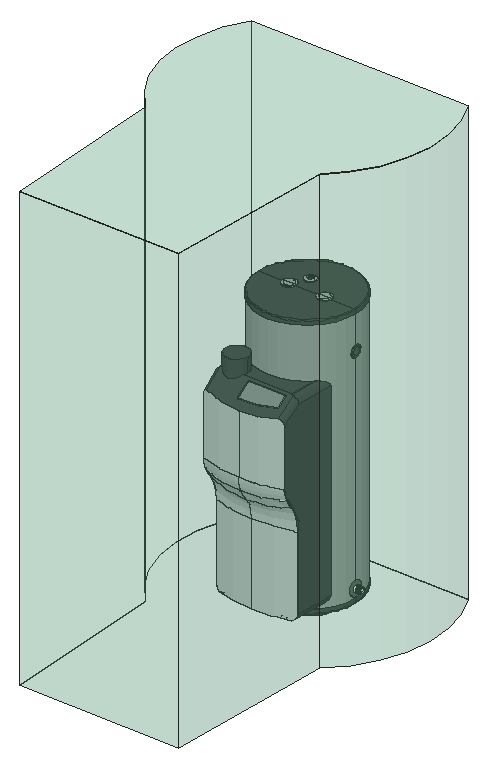
Revit family "Innovo GB_IR 20 200 GB LP", category Mechanical Equipment, Revit 2015
Parameters (values of type "IR-20-200 GB LP")
  Workspace Radius = Diameter + 170 mm  # 730 mm
  Workspace Height = Height + 1000 mm  # 2545 mm
  Workspace Front Distance = 1000 mm
  Working only during off-peak hour = no
  Width = Diameter  # 560 mm
  Workspace [instance] = yes
  Water heating energy efficiency class (2) = "-"
  Water heating energy efficiency class (1) = "A"  # constant formula
  Water heating energy efficiency (2) = "-"
  Water heating energy efficiency (1) = "94%"
  Warranty on tank = "36 months"  # constant formula
  Warranty on parts = "12 months"  # constant formula
  Voltage = 230 V  # constant formula
  Valve Height 02 = if(and(Height = 1745 mm, Diameter = 675 mm), 1518 mm, if(and(Height = 1745 mm, Diameter = 610 mm), 1534 mm, if(Height = 1545 mm, 1328 mm, 1070 mm)))  # 1328 mm
  Valve Height 01 = if(and(Diameter > 560 mm), 693 mm, 604 mm)  # 604 mm
  URL = "www.aosmith.co.uk"
  Type of Packaging = "Carton and Wood"  # constant formula
  Transport Weight = 122 kg
  Trade mark = "A.O. Smith"  # constant formula
  Thermostat temperature setting = 65 °C  # constant formula
  T&P Connection Rp = 3/4"
  Storage Capacity = 200.0 L
  Standard Set For = "G31"
  Stand-by Loss - daily (24h) = 0 W
  Stand-by Loss = 0 W
  Smart control = no
  Serial Number = "8717449286002"
  Seasonal Energy Efficiency Rating = [Energy Efficiency Rating (Hs, acc NEN-EN 89-1999)]  # 98
  Recovery Rate @ ΔT = 70°C = 150.0 L/s
  Recovery Rate @ ΔT = 55°C = 190.0 L/s
  Recovery Rate @ ΔT = 50°C = 210.0 L/s
  Recovery Rate @ ΔT = 44°C = 240.0 L/s
  Recovery Rate @ ΔT = 28°C = 370.0 L/s
  Product Instruction Link = ""
  Product Documentation Link = ""
  Precaustions during assembling, installation or maintenance = "see User, Installation, Service and Maintenance Manual"  # constant formula
  Power Consumption (peak) = 85 W
  Power Consumption (nominal) = 25 W
  Phase = 1
  Packaging Width = 786 mm  # constant formula
  Packaging Length = 946 mm  # constant formula
  Packaging Height = 1695 mm
  Other load profile = "-"
  Operating Weight = 332 kg
  Nominal Output = "11600"
  Nominal Heat Input (Net) = "10900"
  Nominal Heat Input (Gross) = "11800"
  Noice-level dB (A) = "<45"  # constant formula
  NOx Emissions mg/kWh = "38.0/23.0"
  NOx Emissions (air free, 0% O2) ppm = "23.0/14.0"
  Model identifier = "IR-12-200"
  Model = "IR-12-200 GB LP"
  Min. Setpoint = 40 °C  # constant formula
  Max. Setpoint = 85 °C  # constant formula
  Max. Operating Pressure = 800000.0 Pa
  Max. Flue Gas Outlet Temperature = 45 °C
  Manufacturer Number = "E 7110"  # constant formula
  Manufacturer = "A.O. Smith Water Products Company b.v."  # constant formula
  Maintenance Interval = "12 months"  # constant formula
  Load profile = "XL"
  Length = 780 mm  # constant formula
  Insulation Thickness = 50 mm
  Installation Type = "B23/C13/C33/C43/C53/C63"  # constant formula
  Indoor sound power level = "41 dB"
  Hot / Warm Water Connection R = 3/4"
  Height Warm Water Outlet = 1545 mm
  Height Gas Connection = 860 mm
  Height Flue Outlet = 1305 mm
  Height Cold Water Inlet = 170 mm
  Height Air Inlet = 1305 mm
  Height = 1545 mm
  Heating Up Time @ ΔT = 70°C = "65"
  Heating Up Time @ ΔT = 55°C = "52"
  Heating Up Time @ ΔT = 50°C = "47"
  Heating Up Time @ ΔT = 44°C = "41"
  Heating Up Time @ ΔT = 28°C = "27"
  Gas Supply Pressure = 3700.0 Pa
  Gas Flow Rate - Volume ltr/hr = "n.a."
  Gas Flow Rate - Mass kg/h = "0.80"
  Gas Connection R = 15"  # constant formula
  Gas Category = "II2E3P"  # constant formula
  Frequency = 50 Hz  # constant formula
  Flue Diameter - water heater = "80/125 mm/mm"  # constant formula
  Flue Diameter - parallel system = "2x80"  # constant formula
  Flue Diameter - concentric system = "80/125 mm/mm"  # constant formula
  Energy Efficiency Rating (Hs, acc NEN-EN 89-1999) = 98
  Energy Efficiency Rating (Hi, acc NEN-EN 89-1999) = 109
  Empty Weight = 106 kg
  Draw-off Capacity @ ΔT = 70°C after 90 min. = 350.0 L
  Draw-off Capacity @ ΔT = 70°C after 60 min. = 270.0 L
  Draw-off Capacity @ ΔT = 70°C after 30 min. = 200.0 L
  Draw-off Capacity @ ΔT = 70°C after 120 min. = 420.0 L
  Draw-off Capacity @ ΔT = 55°C after 90 min. = 460.0 L
  Draw-off Capacity @ ΔT = 55°C after 60 min. = 370.0 L
  Draw-off Capacity @ ΔT = 55°C after 30 min. = 270.0 L
  Draw-off Capacity @ ΔT = 55°C after 120 min. = 560.0 L
  Draw-off Capacity @ ΔT = 50°C after 90 min. = 510.0 L
  Draw-off Capacity @ ΔT = 50°C after 60 min. = 410.0 L
  Draw-off Capacity @ ΔT = 50°C after 30 min. = 310.0 L
  Draw-off Capacity @ ΔT = 50°C after 120 min. = 610.0 L
  Draw-off Capacity @ ΔT = 44°C after 90 min. = 590.0 L
  Draw-off Capacity @ ΔT = 44°C after 60 min. = 470.0 L
  Draw-off Capacity @ ΔT = 44°C after 30 min. = 360.0 L
  Draw-off Capacity @ ΔT = 44°C after 120 min. = 710.0 L
  Draw-off Capacity @ ΔT = 28°C after 90 min. = 950.0 L
  Draw-off Capacity @ ΔT = 28°C after 60 min. = 760.0 L
  Draw-off Capacity @ ΔT = 28°C after 30 min. = 580.0 L
  Draw-off Capacity @ ΔT = 28°C after 120 min. = 1200.0 L
  Drain Valve Connection Rp = 3/4"  # constant formula
  Diameter = 560 mm
  Destination / Country = "UK & Ireland"  # constant formula
  Description = "Condensing High Efficiency Storage Water Heater"  # constant formula
  Default Setpoint = 65 °C  # constant formula
  Created By = "http://www.cadcompany.nl/"
  Condens Discharge Connection = 40 mm  # constant formula
  Cold Water Connection R = 3/4"  # constant formula
  Co2 Emissions (tol. +/- 1.0) vol% = "10"
  CE-PIN = "0063CQ3037"  # constant formula
  BIM Content Developer = "CAD & Company"  # constant formula
  Assembly Code = "D3010"
  Annual fuel consumption (2) = "-"
  Annual fuel consumption (1) = "16 GJ GCV"
  Annual electricity consumption (2) = "-"
  Annual electricity consumption (1) = "40 kWh"
  APS Pressure < = 115.0 Pa
  2nd Maintenance (general maintenance) = "12 months after installation"  # constant formula
  1e Maintenance (check-up) = "3 months after installation"  # constant formula
Reference planes
  plane 1 "Center (Front/Back)": y = 0
  plane 2: z = 0
  plane 3 "Center (Left/Right)": x = 0
  plane 4 "Pipe": through (-383.901, 912.349, 194.799) normal (-0.0879, -0.0879, 0.9923)
  plane 5 "footing": y = 118.925
  plane 6 "footing front": y = -237.85
  plane 7: x = -280
  plane 8: x = 280
  plane 9: z = 1545
Forms (mm)
  Revolve 1, solid, material "RAL 9005", detail levels medium+fine
    sketch origin (0, -237.85, 0) x (-1, 0, 0) y (0, 0, 1)
      loop
        line (0, 28.9) -> (-15, 28.9) -> (-15, 26.4) -> (-8.671, 26.4) -> (-8.671, 18) -> (-5.686, 18) -> (-6.626, 17.06) -> (-6.626, 12.06) -> (-8.671, 12.06) -> (-8.671, 10) -> (-10.031, 10) -> (-23.271, 5.181)
        arc (-23.271, 5.181) -> (-23.763, 4.836) -> (-24.017, 4.293) r 1.159
        line (-24.017, 4.293) -> (-24.017, 1.03)
        arc (-24.017, 1.03) -> (-23.715, 0.302) -> (-22.986, 0) r 1.03
        line (-22.986, 0) -> (0, 0) -> (0, 28.9)
      axis (0, 28.9) -> (0, 0)
    angle from 0 to 360
  Revolve 2, solid, material "RAL 9005", detail levels medium+fine
    sketch origin (0, 118.925, 0) x (-1, 0, 0) y (0, 0, 1)
      loop
        line (-180.984, 28.9) -> (-195.984, 28.9) -> (-195.984, 26.4) -> (-189.655, 26.4) -> (-189.655, 18) -> (-186.67, 18) -> (-187.61, 17.06) -> (-187.61, 12.06) -> (-189.655, 12.06) -> (-189.655, 10) -> (-191.015, 10) -> (-204.256, 5.181)
        arc (-204.256, 5.181) -> (-204.747, 4.836) -> (-205.001, 4.293) r 1.159
        line (-205.001, 4.293) -> (-205.001, 1.03)
        arc (-205.001, 1.03) -> (-204.699, 0.302) -> (-203.971, 0) r 1.03
        line (-203.971, 0) -> (-180.984, 0) -> (-180.984, 28.9)
      axis (-180.984, 28.9) -> (-180.984, 0)
    angle from 0 to 360
  Revolve 3, solid, material "RAL 9005", detail levels medium+fine
    sketch origin (0, 118.925, 0) x (-1, 0, 0) y (0, 0, 1)
      loop
        line (179.016, 28.9) -> (164.016, 28.9) -> (164.016, 26.4) -> (170.345, 26.4) -> (170.345, 18) -> (173.33, 18) -> (172.39, 17.06) -> (172.39, 12.06) -> (170.345, 12.06) -> (170.345, 10) -> (168.985, 10) -> (155.744, 5.181)
        arc (155.744, 5.181) -> (155.253, 4.836) -> (154.999, 4.293) r 1.159
        line (154.999, 4.293) -> (154.999, 1.03)
        arc (154.999, 1.03) -> (155.301, 0.302) -> (156.029, 0) r 1.03
        line (156.029, 0) -> (179.016, 0) -> (179.016, 28.9)
      axis (179.016, 28.9) -> (179.016, 0)
    angle from 0 to 360
Lines and regions (mm)
  symbolic lines
    curve 1: line (0, 280.06, 0) -> (0, -280.06, 0)
    curve 2: line (-255.06, 0, 0) -> (255.06, 0, 0)
  symbolic lines, style "Workspace"
    curve 3: line (623.261, 380.06, 0) -> (-623.261, 380.06, 0)
    curve 4: arc (-623.261, 380.06, 0) -> (-723.227, -99.209, 0) -> (-497.893, -533.856, 0) r 730
    curve 5: line (-497.893, -533.856, 0) -> (-454.283, -1492.825, 0)
    curve 6: line (-454.283, -1492.825, 0) -> (456.53, -1492.825, 0)
    curve 7: line (456.53, -1492.825, 0) -> (500.201, -531.695, 0)
    curve 8: arc (500.201, -531.695, 0) -> (723.44, -97.643, 0) -> (623.261, 380.06, 0) r 730
Dimensions and locks
  plane 5 "footing" to plane 1 "Center (Front/Back)" = 118.925 mm
  plane 1 "Center (Front/Back)" to plane 6 "footing front" = 237.85 mm
  "Diameter": plane 7 to plane 8
  equal spacing: plane 7, plane 3 "Center (Left/Right)", plane 8
  "Height": plane 9 to plane 2
  "Workspace Front Distance": curve 6 to nested 3
  "Workspace Radius": radius of curve 4
  "Workspace Radius": radius of curve 8
  aligned and locked: level to plane 2
  aligned and locked: nested 3 to Revolve 1 sketch curve
  aligned and locked: plane 3 "Center (Left/Right)" to Revolve 1 sketch curve
  aligned and locked: nested 3 to plane 1 "Center (Front/Back)"
  aligned and locked: plane 3 "Center (Left/Right)" to nested 3
  aligned and locked: nested 1 to plane 8
  aligned and locked: nested 5 to plane 8
  aligned and locked: nested 2 to plane 7
  aligned and locked: nested 4 to plane 7
  aligned and locked: nested 7 to plane 7
  aligned and locked: nested 8 to plane 3 "Center (Left/Right)"
  aligned and locked: plane 1 "Center (Front/Back)" to nested 8
  aligned and locked: nested 8 to nested 3
  aligned and locked: curve 5 to nested 8
  aligned and locked: curve 7 to nested 8
  aligned and locked: curve 3 to nested 8
Automatic sketch dimensions
  Revolve 1 sketch curve to level = 0 mm
  plane 3 "Center (Left/Right)" to Revolve 1 sketch curve = 5.686 mm
  Revolve 1 sketch curve to Revolve 1 sketch curve = 0.94 mm  (x2)
  Revolve 1 sketch curve to Revolve 1 sketch curve = 2.046 mm  (x2)
  Revolve 1 sketch curve to Revolve 1 sketch curve = 1.359 mm
  Revolve 1 sketch curve to Revolve 1 sketch curve = 6.329 mm
  level to Revolve 1 sketch curve = 4.091 mm
  Revolve 1 sketch curve to Revolve 1 sketch curve = 12.844 mm
  level to Revolve 1 sketch curve = 1.03 mm
  Revolve 1 sketch curve to Revolve 1 sketch curve = 0.111 mm
  level to Revolve 1 sketch curve = 5.181 mm
  Revolve 1 sketch curve to Revolve 1 sketch curve = 0.745 mm
  level to Revolve 1 sketch curve = 10 mm
  Revolve 1 sketch curve to Revolve 1 sketch curve = 2.06 mm
  Revolve 1 sketch curve to Revolve 1 sketch curve = 5 mm
  Revolve 1 sketch curve to Revolve 1 sketch curve = 8.4 mm
  Revolve 1 sketch curve to Revolve 1 sketch curve = 2.5 mm
  Revolve 1 sketch curve to level = 19.635 mm
  Revolve 1 sketch curve to Revolve 1 sketch curve = 46.465 mm
  Revolve 2 sketch curve to level = 0 mm
  level to Revolve 2 sketch curve = 1.03 mm
  Revolve 2 sketch curve to plane 8 = 74.999 mm
  level to Revolve 2 sketch curve = 5.181 mm
  Revolve 2 sketch curve to Revolve 2 sketch curve = 0.745 mm
  Revolve 2 sketch curve to Revolve 2 sketch curve = 0.397 mm
  Revolve 2 sketch curve to Revolve 2 sketch curve = 8.271 mm
  Revolve 2 sketch curve to Revolve 2 sketch curve = 13.241 mm
  Revolve 2 sketch curve to Revolve 2 sketch curve = 1.359 mm
  Revolve 2 sketch curve to Revolve 2 sketch curve = 6.329 mm
  Revolve 2 sketch curve to Revolve 2 sketch curve = 2.046 mm
  level to Revolve 2 sketch curve = 18 mm
  Revolve 2 sketch curve to Revolve 2 sketch curve = 0.94 mm  (x2)
  Revolve 2 sketch curve to Revolve 2 sketch curve = 8.671 mm
  Revolve 2 sketch curve to Revolve 2 sketch curve = 1.089 mm
  Revolve 2 sketch curve to Revolve 2 sketch curve = 8 mm
  Revolve 2 sketch curve to Revolve 2 sketch curve = 2.06 mm
  Revolve 2 sketch curve to Revolve 2 sketch curve = 8.4 mm
  Revolve 2 sketch curve to Revolve 2 sketch curve = 2.5 mm
  Revolve 2 sketch curve to Revolve 2 sketch curve = 0 mm
  Revolve 2 sketch curve to level = 19.635 mm
  Revolve 2 sketch curve to Revolve 2 sketch curve = 46.465 mm
  Revolve 3 sketch curve to level = 0 mm
  level to Revolve 3 sketch curve = 1.03 mm
  Revolve 3 sketch curve to plane 7 = 125.001 mm
  level to Revolve 3 sketch curve = 5.181 mm
  Revolve 3 sketch curve to Revolve 3 sketch curve = 0.745 mm
  Revolve 3 sketch curve to Revolve 3 sketch curve = 0.397 mm
  Revolve 3 sketch curve to Revolve 3 sketch curve = 8.271 mm
  Revolve 3 sketch curve to Revolve 3 sketch curve = 13.241 mm
  Revolve 3 sketch curve to Revolve 3 sketch curve = 1.359 mm
  Revolve 3 sketch curve to Revolve 3 sketch curve = 6.329 mm
  Revolve 3 sketch curve to Revolve 3 sketch curve = 2.046 mm
  level to Revolve 3 sketch curve = 18 mm
  Revolve 3 sketch curve to Revolve 3 sketch curve = 0.94 mm  (x2)
  Revolve 3 sketch curve to Revolve 3 sketch curve = 8.671 mm
  Revolve 3 sketch curve to Revolve 3 sketch curve = 1.089 mm
  Revolve 3 sketch curve to Revolve 3 sketch curve = 8 mm
  Revolve 3 sketch curve to Revolve 3 sketch curve = 2.06 mm
  Revolve 3 sketch curve to Revolve 3 sketch curve = 8.4 mm
  Revolve 3 sketch curve to Revolve 3 sketch curve = 2.5 mm
  Revolve 3 sketch curve to Revolve 3 sketch curve = 0 mm
  Revolve 3 sketch curve to level = 19.635 mm
  Revolve 3 sketch curve to Revolve 3 sketch curve = 46.465 mm
  curve 4 to curve 8 = 0 mm  (x2)
  plane 1 "Center (Front/Back)" to curve 2 = 0 mm
  curve 1 to plane 3 "Center (Left/Right)" = 0 mm
  plane 1 "Center (Front/Back)" to curve 4 = 0 mm
  curve 4 to plane 3 "Center (Left/Right)" = 0 mm
  curve 2 to plane 7 = 24.94 mm
  curve 2 to plane 8 = 24.94 mm
  curve 1 to plane 6 "footing front" = 42.21 mm
  plane 5 "footing" to curve 1 = 161.135 mm
Nested families
  nested 1: "Valve" at (280, -0.38, 1328) x (0, 1, 0) z (0, 0, 1), built-in parameter 1001364 <- "Valve Height 02", type "Valve"
  nested 2: "Drain Valve" at (-280, 0, 1328), built-in parameter 1001364 <- "Valve Height 02", type "Drain Valve"
  nested 3: "Housing Mother Housing S 57 (external)" at (0, -274.886, 0), type "Housing Mother_Housing S_57"
  nested 4: "Drain Valve" at (-280, 0, 177), type "Drain Valve"
  nested 5: "Drain Valve" at (280, 0, 107) x (-1, 0, 0) z (0, 0, 1), type "Drain Valve"
  nested 6: "Boiler" at (0, 0, 0), height <- "Height", type "Boiler"
    with height 1545 mm
  nested 7: "Drain Valve" at (-280, 0, 604), built-in parameter 1001364 <- "Valve Height 01", type "Drain Valve"
  nested 8: "Innovo_workspace" at (0, 0, 0), Workspace <- "Workspace", Workspace Distance Front <- "Workspace Front Distance", Workspace Height <- "Workspace Height", Workspace Radius <- "Workspace Radius", type "Workspace"
    with Workspace Radius 730 mm, Workspace Height 2545 mm, Workspace Distance Front 1000 mm, Workspace yes, Center to Front 492.825 mm
Connectors
  piping at (314.826, 0, 107), diameter 19.05, driven by "Drain Valve Connection Rp"
    settings: on nested 5, index 1, connector inside diameter 24", connector length 0 mm, flow factor 0, pipe flow 0.0 L/s, pressure drop 0.0 Pa, fitting loss kfactor 0, connector angle 0.00°, fixture units 0, engagement length 0 mm, angle of deflection 0.00°, flow configuration 0, flow direction 0, fitting loss method 0, system type 19, joint type 0, gender type 0, connector reference index -1, connector utility 0, adjustable connector no, is connector primary yes, connector description ""
  hvac at (-147.013, -321.326, 1310.674)
    settings: on nested 3, index 2, duct flow 0.0 L/s, flow factor 0, pres drop 0.0 Pa, loss coef 0, conn angle 0.00°, conn width 304.8 mm, conn height 304.8 mm, conn diameter 125 mm, duct sys type 4, conn prof type 0, flow config 0, flow direction 0, loss method 0, conn ref index -1, conn util no, is conn primary yes, conn desc ""
Definition of nested family "Valve"
  Parameters (values of type "Valve")
    Type Comments = "T&P valve (internal)"
    Manufacturer = "A.O. Smith"
  Reference planes
    plane 1 "Center (Front/Back)": y = 0
    plane 2: z = 0
    plane 3 "Center (Left/Right)": x = 0
  Forms (mm)
    Extrusion 1, solid, detail levels fine
      sketch origin (0, 0, 0) x (1, 0, 0) y (0, 0, 1)
        loop
          circle (0, 0) r 31.5
      from -2.271 to 1.4
    Sweep 2, solid, detail levels fine
      path origin (0, -1.4, 0) x (1, 0, 0) y (0, 0, 1)
        loop
          circle (0, 0) r 31.5
      profile origin (0, -1.4, 31.5) x (0, 0, -1) y (0, -1, 0)
        loop
          line (7.3, 0) -> (7.3, 3) -> (0, 0) -> (7.3, 0)
  Dimensions and locks
    aligned and locked: level to plane 2
Definition of nested family "Drain Valve"
  Reference planes
    plane 1 "Center (Front/Back)": y = 0
    plane 2: z = 0
    plane 3 "Center (Left/Right)": x = 0
  Forms (mm)
    Revolve 1, solid, detail levels medium+fine
      sketch origin (0, 0, 0) x (1, 0, 0) y (0, 0, 1)
        loop
          line (-33.442, 15.696) -> (-34.826, 14.329) -> (-34.93, 12.731) -> (-16.555, 12.731) -> (-16.555, 0) -> (15.787, 0) -> (15.787, 18.3) -> (-14.4, 18.3) -> (-17.148, 15.533) -> (-18.729, 16.697) -> (-20.091, 15.333) -> (-21.672, 16.496) -> (-23.034, 15.133) -> (-24.614, 16.296) -> (-25.976, 14.932) -> (-27.557, 16.096) -> (-28.919, 14.732) -> (-30.5, 15.896) -> (-31.862, 14.532) -> (-33.442, 15.696)
        axis (-34.93, 0) -> (15.787, 0)
      angle from 0 to 360
  Dimensions and locks
    aligned and locked: level to plane 2
  Nested families
    nested 1: "Rubber sealing" at (2.592, -0.155, 0) x (0.0023, -1, 0) z (0, 0, 1), type "Rubber sealing", detail levels fine
  Definition of nested family "Rubber sealing"
    Reference planes
      plane 1 "Center (Front/Back)": y = 0
      plane 2: z = 0
      plane 3 "Center (Left/Right)": x = 0
    Forms (mm)
      Extrusion 1, solid, detail levels fine
        sketch origin (141.861, 319.581, 0) x (1, 0, 0) y (0, 1, 0)
          loop
            line (-216.354, -311.898) -> (-216.354, -313.94)
            arc (-216.354, -313.94) -> (-141.602, -321.581) -> (-66.861, -313.835) r 366.966
            line (-66.861, -313.835) -> (-66.861, -311.791)
            arc (-66.861, -311.791) -> (-141.602, -319.581) -> (-216.354, -311.898) r 364.966
        from -80 to 80
      Extrusion 2, void
        sketch origin (141.861, 319.581, 0) x (1, 0, 0) y (0, 0, 1)
          loop
            circle (-141.861, 0) r 13
          loop
            circle (-141.861, 0) r 110
          loop
            circle (-141.861, 0) r 40
        from 311.563 to 332.684
      Extrusion 3, void
        sketch origin (141.861, 319.581, 0) x (1, 0, 0) y (0, 0, 1)
          loop
            circle (-141.861, 0) r 18.25
        from 315.524 to 326.084
    Cuts and joins
      Extrusion 2, Extrusion 3 cuts Extrusion 1
    Dimensions and locks
      aligned and locked: level to plane 2
Definition of nested family "Housing Mother Housing S 57 (external)"
  Parameters (values of type "Housing Mother_Housing S_57")
    radius [instance] = 280 mm
    distance to boiler center = if(diameter = 675 mm, 189 mm, if(diameter = 610 mm, 154 mm, 129 mm))  # 129 mm
    diameter = 560 mm
  Reference planes
    plane 1 "Center (Front/Back)": y = 0
    plane 2: z = 0
    plane 3 "Center (Left/Right)": x = 0
    plane 4 "left": through (-245.286, 145.886, 1200) normal (0.9994, 0.0349, 0)
    plane 5: y = -217.939
    plane 6: y = 145.886
    plane 7: z = 1232.6
    plane 8: z = 65.89
    plane 9 "right": through (245.286, 145.886, 1200) normal (0.9994, -0.0349, 0)
    plane 10 "display": through (0, -90.37, 1221.196) normal (0, -0.5736, 0.8192)
    plane 11 "Potentiostat": z = 867.899
    plane 12 "boiler center": y = 274.886
    plane 13: x = -280
    plane 14: x = 280
  Forms (mm)
    Extrusion 1, solid
      sketch origin (0, 0, 0) x (1, 0, 0) y (0, 1, 0)
        loop
          line (-245.286, 145.886) -> (-232.581, -217.939) -> (232.581, -217.939) -> (245.286, 145.886)
          arc (245.286, 145.886) -> (0, 0.923) -> (-245.286, 145.886) r 280
      from 0 to 1232.6
    Sweep 2, void
      path origin (0, 0, 0) x (0, 1, 0) y (0, 0, 1)
        loop
          line (-217.939, 1232.6) -> (-217.939, 795.555)
          arc (-217.939, 795.555) -> (-212.387, 754.285) -> (-197.694, 715.322) r 183.924
          arc (-197.694, 715.322) -> (-179.915, 684.628) -> (-159.106, 655.901) r 348.284
          arc (-159.106, 655.901) -> (-131.411, 600.328) -> (-121.88, 538.973) r 202.254
          line (-121.88, 538.973) -> (-121.88, 61.106)
      profile origin (0, -217.939, 1014.077) x (1, 0, 0) y (0, 1, 0)
        loop
          arc (0, 0) -> (-117.533, 9.941) -> (-231.728, 39.475) r 699.984
          arc (-231.728, 39.475) -> (-233.391, 40.705) -> (-234.07, 42.659) r 3.505
          line (-234.07, 42.659) -> (-254.062, 42.659) -> (-254.062, -142.593) -> (254.07, -142.593) -> (254.07, 42.659) -> (234.07, 42.659)
          arc (234.07, 42.659) -> (233.391, 40.705) -> (231.728, 39.475) r 3.505
          arc (231.728, 39.475) -> (117.533, 9.941) -> (0, 0) r 699.984
    Extrusion 3, void
      sketch origin (0, 0, 0) x (0, 1, 0) y (0, 0, 1)
        loop
          arc (102.864, 70.869) -> (99.804, 70.709) -> (96.874, 69.813) r 12.57
          arc (96.874, 69.813) -> (87.878, 66.533) -> (78.516, 64.529) r 69.114
          arc (78.516, 64.529) -> (76.41, 64.284) -> (74.294, 64.148) r 41.206
          arc (74.294, 64.148) -> (65.203, 64.335) -> (56.122, 64.782) r 318.661
          arc (56.122, 64.782) -> (30.585, 66.179) -> (5.028, 67.128) r 1456.581
          line (5.028, 67.128) -> (-84.534, 73.135)
          arc (-84.534, 73.135) -> (-86.363, 73.808) -> (-87.536, 75.365) r 3.455
          line (-87.536, 75.365) -> (-264.473, 75.365) -> (-264.473, 0) -> (160.886, 0) -> (160.886, 103.945) -> (145.886, 103.945)
          arc (145.886, 103.945) -> (145.104, 97.827) -> (142.923, 92.059) r 26.364
          arc (142.923, 92.059) -> (141.067, 88.936) -> (138.867, 86.045) r 31.715
          arc (138.867, 86.045) -> (135.576, 82.49) -> (132.021, 79.2) r 62.615
          arc (132.021, 79.2) -> (125.841, 74.697) -> (119.091, 71.103) r 54.444
          arc (119.091, 71.103) -> (116.371, 70.272) -> (113.531, 70.123) r 11.669
          line (113.531, 70.123) -> (102.864, 70.869)
      from -254.062 to 254.07
    Sweep 4, void
      path origin (0, 0, 0) x (1, 0, 0) y (0, 1, 0)
        loop
          line (-245.286, 145.886) -> (-232.581, -217.939)
      profile origin (-238.933, -36.027, 0) x (0.999391, 0.034899, 0) y (0, 0, 1)
        loop
          line (-4.454, 0) -> (47.084, 0) -> (47.084, 73.431)
          arc (47.084, 73.431) -> (14.222, 85.134) -> (0.255, 117.1) r 43.922
          line (0.255, 117.1) -> (-4.454, 117.1) -> (-4.454, 0)
    Sweep 5, void
      path origin (0, 0, 0) x (-1, 0, 0) y (0, 1, 0)
        loop
          line (-245.286, 145.886) -> (-232.581, -217.939)
      profile origin (238.933, -36.027, 0) x (0.999391, -0.034899, 0) y (0, 0, 1)
        loop
          line (4.454, 0) -> (4.454, 117.1) -> (-0.255, 117.1)
          arc (-0.255, 117.1) -> (-14.222, 85.134) -> (-47.084, 73.431) r 43.922
          line (-47.084, 73.431) -> (-47.084, 0) -> (4.454, 0)
    Sweep 6, void
      path origin (-239.899, -8.377, 0) x (-0.034899, 0.999391, 0) y (0, 0, 1)
        loop
          line (-209.69, 1141.272) -> (-79.18, 1232.6) -> (154.358, 1232.6)
      profile origin (-241.211, 29.188, 1232.6) x (0, 0, 1) y (0.999391, 0.034899, 0)
        loop
          line (-45, -30) -> (75, -30) -> (75, 0) -> (75, 55) -> (2.799, 55) -> (-1.253, 35.128)
          arc (-1.253, 35.128) -> (-16.771, 9.564) -> (-45, -0.308) r 44.287
          line (-45, -0.308) -> (-45, -30)
    Sweep 7, void
      path origin (239.899, -8.377, 0) x (0.034899, 0.999391, 0) y (0, 0, 1)
        loop
          line (-209.69, 1141.272) -> (-79.18, 1232.6) -> (154.358, 1232.6)
      profile origin (241.211, 29.188, 1232.6) x (0, 0, -1) y (-0.999391, 0.034899, 0)
        loop
          line (-75, -25) -> (45, -25) -> (45, -0.308)
          arc (45, -0.308) -> (16.771, 9.564) -> (1.253, 35.128) r 44.287
          line (1.253, 35.128) -> (-2.799, 55) -> (-75, 55) -> (-75, -25)
    Extrusion 8, void
      sketch origin (0, 0, 0) x (0, 1, 0) y (0, 0, 1)
        loop
          line (-270, 1336.099) -> (-270, 1099.081) -> (68.497, 1336.099) -> (-270, 1336.099)
      from -425.038 to 444.42
    Extrusion 9, solid, detail levels medium+fine
      sketch origin (0, 0, 0) x (1, 0, 0) y (0, 1, 0)
        loop
          circle (-147.013, -46.44) r 65
      from 1163.174 to 1310.674
    Extrusion 10, void
      sketch origin (0, -603.506, 861.895) x (0, 0.819152, 0.573576) y (-1, 0, 0)
        loop
          arc (618.322, -173) -> (623.272, -170.95) -> (625.322, -166) r 7
          line (625.322, -166) -> (625.322, 35)
          arc (625.322, 35) -> (623.272, 39.95) -> (618.322, 42) r 7
          line (618.322, 42) -> (535.473, 42)
          arc (535.473, 42) -> (530.688, 40.11) -> (528.488, 35.46) r 7
          arc (528.488, 35.46) -> (531.569, -67.592) -> (554.18, -168.18) r 540
          arc (554.18, -168.18) -> (556.724, -171.668) -> (560.831, -173) r 7
          line (560.831, -173) -> (618.322, -173)
      from 0 to 137.286
    Sweep 11, solid, detail levels fine
      path origin (0, 0, 867.899) x (-1, 0, 0) y (0, -1, 0)
        loop
          line (309.749, -35.617) -> (204.371, -35.617)
          arc (204.371, -35.617) -> (196.509, -34.687) -> (189.082, -31.947) r 33.677
          line (189.082, -31.947) -> (-9.574, 69.274)
      profile origin (-257.06, 35.617, 867.899) x (0, 1, 0) y (0, 0, 1)
        loop
          circle (0, 0) r 7.316
        loop
          circle (0, 0) r 6.465
    Revolve 12, void
      sketch origin (0, 274.886, 0) x (-1, 0, 0) y (0, 0, 1)
        loop
          line (280, 1243.838) -> (0, 1243.838) -> (0, 54.9) -> (280, 54.9) -> (280, 1243.838)
        axis (0, 1243.838) -> (0, 54.9)
      angle from 0 to 360
  Cuts and joins
    Sweep 2, Extrusion 3, Sweep 4, Sweep 5, Sweep 6, Sweep 7, Extrusion 8, Extrusion 10, Revolve 12 cuts Extrusion 1
  Dimensions and locks
    plane 8 to plane 2 = 65.89 mm
    plane 7 to plane 8 = 1166.71 mm
    "distance to boiler center": plane 12 "boiler center" to plane 6
    "diameter": plane 14 to plane 13
    equal spacing: plane 14, plane 3 "Center (Left/Right)", plane 13
    "radius": plane 3 "Center (Left/Right)" to plane 13
    aligned and locked: level to plane 2
    aligned and locked: Extrusion 1 to plane 7
    aligned and locked: Extrusion 1 sketch curve to plane 5
    aligned and locked: Sweep 2 to Extrusion 3
    aligned and locked: Extrusion 3 to Sweep 2  (x2)
    aligned and locked: plane 7 to Sweep 2 sketch curve
    aligned and locked: plane 3 "Center (Left/Right)" to Revolve 12 sketch curve
    aligned and locked: Revolve 12 sketch curve to plane 3 "Center (Left/Right)"
    aligned and locked: plane 13 to Revolve 12 sketch curve
  Automatic sketch dimensions
    Extrusion 1 sketch curve to plane 4 "left" = 0 mm  (x2)
    Extrusion 1 sketch curve to plane 6 = 0 mm  (x2)
    Extrusion 1 sketch curve to plane 3 "Center (Left/Right)" = 0 mm
    Extrusion 1 sketch curve to plane 9 "right" = 0 mm
    plane 6 to Extrusion 1 sketch curve = 135.037 mm
    Sweep 2 sketch curve to plane 5 = 0 mm
    plane 5 to Sweep 2 sketch curve = 106.195 mm
    Sweep 2 sketch curve to plane 5 = 96.059 mm
    plane 1 "Center (Front/Back)" to Sweep 2 sketch curve = 34.053 mm
    plane 11 "Potentiostat" to Sweep 2 sketch curve = 6.417 mm
    Sweep 2 sketch curve to plane 6 = 33.705 mm
    Sweep 2 sketch curve to plane 11 "Potentiostat" = 68.615 mm
    Sweep 2 sketch curve to plane 11 "Potentiostat" = 72.345 mm
    Sweep 2 sketch curve to Sweep 2 sketch curve = 176.349 mm
    Sweep 2 sketch curve to Sweep 2 sketch curve = 0 mm  (x2)
    plane 8 to Sweep 2 sketch curve = 4.784 mm
    Extrusion 3 sketch curve to level = 0 mm
    Extrusion 3 sketch curve to plane 6 = 0 mm
    Extrusion 3 sketch curve to plane 6 = 26.363 mm
    Extrusion 3 sketch curve to Extrusion 3 sketch curve = 4.75 mm
    Extrusion 3 sketch curve to Extrusion 3 sketch curve = 5.179 mm
    Extrusion 3 sketch curve to plane 8 = 4.232 mm
    Extrusion 3 sketch curve to Extrusion 3 sketch curve = 0.814 mm
    Extrusion 3 sketch curve to plane 8 = 4.978 mm
    Extrusion 3 sketch curve to Extrusion 3 sketch curve = 10.667 mm
    Extrusion 3 sketch curve to Extrusion 3 sketch curve = 0.877 mm
    Extrusion 3 sketch curve to Extrusion 3 sketch curve = 17.827 mm
    Extrusion 3 sketch curve to Extrusion 3 sketch curve = 5.646 mm
    Extrusion 3 sketch curve to plane 6 = 69.562 mm
    Extrusion 3 sketch curve to Extrusion 3 sketch curve = 18.6 mm
    Extrusion 3 sketch curve to Extrusion 3 sketch curve = 22.538 mm
    Extrusion 3 sketch curve to plane 8 = 1.238 mm
    Extrusion 3 sketch curve to plane 1 "Center (Front/Back)" = 5.028 mm
    plane 1 "Center (Front/Back)" to Extrusion 3 sketch curve = 36.224 mm
    Extrusion 3 sketch curve to plane 8 = 10.692 mm
    plane 1 "Center (Front/Back)" to Extrusion 3 sketch curve = 84.302 mm
    Extrusion 3 sketch curve to plane 8 = 7.244 mm
    Extrusion 3 sketch curve to Extrusion 3 sketch curve = 0.231 mm
    Extrusion 3 sketch curve to Extrusion 3 sketch curve = 3.234 mm
    plane 5 to Extrusion 3 sketch curve = 46.534 mm
    plane 6 to Extrusion 3 sketch curve = 15 mm
    Extrusion 3 sketch curve to level = 1388.869 mm
    plane 8 to Extrusion 3 sketch curve = 7.561 mm
    Extrusion 3 sketch curve to Extrusion 3 sketch curve = 11.64 mm
    Extrusion 3 sketch curve to plane 8 = 38.054 mm
    Extrusion 3 sketch curve to Extrusion 3 sketch curve = 22.442 mm
    Extrusion 3 sketch curve to plane 8 = 39.432 mm
    Extrusion 3 sketch curve to Extrusion 3 sketch curve = 2.466 mm
    Extrusion 3 sketch curve to Extrusion 3 sketch curve = 14.17 mm
    Extrusion 3 sketch curve to Extrusion 3 sketch curve = 5.925 mm
    Extrusion 3 sketch curve to Extrusion 3 sketch curve = 6.186 mm
    Extrusion 3 sketch curve to Extrusion 3 sketch curve = 249.85 mm
    Extrusion 3 sketch curve to Extrusion 3 sketch curve = 0 mm  (x4)
    Extrusion 3 sketch curve to Extrusion 3 sketch curve = 6.845 mm
    plane 8 to Extrusion 3 sketch curve = 1.743 mm
    Sweep 4 sketch curve to plane 4 "left" = 0 mm  (x2)
    Sweep 4 sketch curve to plane 6 = 0 mm
    plane 5 to Sweep 4 sketch curve = 0 mm
    Sweep 4 sketch curve to level = 0 mm
    profile plane to Sweep 4 sketch curve = 4.454 mm
    Sweep 4 sketch curve to profile plane = 0.255 mm
    Sweep 4 sketch curve to Sweep 4 sketch curve = 43.922 mm
    Sweep 4 sketch curve to profile plane = 47.084 mm
    level to Sweep 4 sketch curve = 73.431 mm
    Sweep 4 sketch curve to Sweep 4 sketch curve = 43.669 mm
    Sweep 5 sketch curve to plane 6 = 0 mm
    Sweep 5 sketch curve to plane 9 "right" = 0 mm  (x2)
    plane 5 to Sweep 5 sketch curve = 0 mm
    Sweep 5 sketch curve to level = 0 mm
    profile plane to Sweep 5 sketch curve = 47.084 mm
    Sweep 5 sketch curve to Sweep 5 sketch curve = 2.907 mm
    profile plane to Sweep 5 sketch curve = 0.255 mm
    Sweep 5 sketch curve to profile plane = 4.454 mm
    level to Sweep 5 sketch curve = 73.431 mm
    Sweep 5 sketch curve to Sweep 5 sketch curve = 43.669 mm
    Sweep 6 sketch curve to plane 7 = 0 mm
    plane 7 to Sweep 6 sketch curve = 91.328 mm
    Sweep 6 sketch curve to Sweep 6 sketch curve = 130.509 mm
    Sweep 6 sketch curve to Sweep 6 sketch curve = 233.538 mm
    Sweep 6 sketch curve to plane 4 "left" = 0 mm
    profile plane to Sweep 6 sketch curve = 45 mm
    Sweep 6 sketch curve to Sweep 6 sketch curve = 0.354 mm
    profile plane to Sweep 6 sketch curve = 1.253 mm
    Sweep 6 sketch curve to profile plane = 2.799 mm
    Sweep 6 sketch curve to Sweep 6 sketch curve = 72.201 mm
    Sweep 6 sketch curve to plane 4 "left" = 0.308 mm
    Sweep 6 sketch curve to Sweep 6 sketch curve = 29.692 mm
    plane 4 "left" to Sweep 6 sketch curve = 35.128 mm
    plane 4 "left" to Sweep 6 sketch curve = 55 mm
    Sweep 7 sketch curve to plane 7 = 0 mm
    Sweep 7 sketch curve to plane 7 = 91.328 mm
    Sweep 7 sketch curve to Sweep 7 sketch curve = 130.509 mm
    Sweep 7 sketch curve to Sweep 7 sketch curve = 233.538 mm
    Sweep 7 sketch curve to plane 9 "right" = 25 mm
    profile plane to Sweep 7 sketch curve = 75 mm
    profile plane to Sweep 7 sketch curve = 2.799 mm
    Sweep 7 sketch curve to profile plane = 1.253 mm
    Sweep 7 sketch curve to Sweep 7 sketch curve = 43.393 mm
    Sweep 7 sketch curve to profile plane = 45 mm
    Sweep 7 sketch curve to plane 9 "right" = 0.308 mm
    plane 9 "right" to Sweep 7 sketch curve = 35.128 mm
    Sweep 7 sketch curve to Sweep 7 sketch curve = 19.872 mm
    plane 5 to Extrusion 8 sketch curve = 52.061 mm
    Extrusion 8 sketch curve to plane 1 "Center (Front/Back)" = 68.497 mm
    plane 7 to Extrusion 8 sketch curve = 133.519 mm
    Extrusion 8 sketch curve to plane 7 = 103.499 mm
    plane 1 "Center (Front/Back)" to Extrusion 9 sketch curve = 46.44 mm
    Extrusion 9 sketch curve to plane 3 "Center (Left/Right)" = 147.013 mm
    Extrusion 10 sketch curve to plane 3 "Center (Left/Right)" = 0 mm
    Extrusion 10 sketch curve to plane 3 "Center (Left/Right)" = 35 mm
    Extrusion 10 sketch curve to Extrusion 10 sketch curve = 25.359 mm
    Extrusion 10 sketch curve to Extrusion 10 sketch curve = 57.491 mm
    Extrusion 10 sketch curve to plane 3 "Center (Left/Right)" = 42 mm
    Extrusion 10 sketch curve to Extrusion 10 sketch curve = 82.85 mm
    Extrusion 10 sketch curve to Extrusion 10 sketch curve = 7 mm
    Extrusion 10 sketch curve to Extrusion 10 sketch curve = 442 mm
    plane 3 "Center (Left/Right)" to Extrusion 10 sketch curve = 166 mm
    Extrusion 10 sketch curve to Extrusion 10 sketch curve = 0 mm  (x2)
    Sweep 11 sketch curve to plane 1 "Center (Front/Back)" = 31.947 mm
    Sweep 11 sketch curve to plane 3 "Center (Left/Right)" = 189.082 mm
    Sweep 11 sketch curve to plane 1 "Center (Front/Back)" = 1.94 mm
    Sweep 11 sketch curve to Sweep 11 sketch curve = 15.289 mm
    plane 3 "Center (Left/Right)" to Sweep 11 sketch curve = 9.574 mm
    Sweep 11 sketch curve to Sweep 11 sketch curve = 105.378 mm
    plane 1 "Center (Front/Back)" to Sweep 11 sketch curve = 69.274 mm
    Sweep 11 sketch curve to Sweep 11 sketch curve = 0 mm  (x2)
    Sweep 11 sketch curve to plane 11 "Potentiostat" = 0 mm
    Sweep 11 sketch curve to profile plane = 0 mm
    plane 8 to Revolve 12 sketch curve = 10.99 mm
    Revolve 12 sketch curve to plane 7 = 11.238 mm
    Revolve 12 sketch curve to level = 366.045 mm
    Revolve 12 sketch curve to Revolve 12 sketch curve = 971.917 mm
    Sweep 2 sketch curve to plane 3 "Center (Left/Right)" = 0 mm
    profile plane to Sweep 2 sketch curve = 0 mm
    Sweep 2 sketch curve to plane 3 "Center (Left/Right)" = 0.016 mm
    Sweep 2 sketch curve to profile plane = 42.782 mm  (x2)
    Sweep 2 sketch curve to plane 3 "Center (Left/Right)" = 230.568 mm
    plane 3 "Center (Left/Right)" to Sweep 2 sketch curve = 0.016 mm
    plane 3 "Center (Left/Right)" to Sweep 2 sketch curve = 230.568 mm
    Sweep 2 sketch curve to Sweep 2 sketch curve = 3.502 mm  (x2)
    Sweep 2 sketch curve to Sweep 2 sketch curve = 20 mm
    profile plane to Sweep 2 sketch curve = 142.593 mm
    Sweep 2 sketch curve to Sweep 2 sketch curve = 0.122 mm  (x2)
    Sweep 2 sketch curve to Sweep 2 sketch curve = 657.203 mm
    Sweep 2 sketch curve to Sweep 2 sketch curve = 19.991 mm
    radius of Extrusion 9 sketch curve = 65 mm
    radius of Sweep 11 sketch curve = 7.316 mm
    radius of Sweep 11 sketch curve = 6.465 mm
  Nested families
    nested 1: "display" at (65.5, -130.939, 1192.79) x (-1, 0, 0) z (0, -0.5736, 0.8192), type "display"
  Definition of nested family "display"
    Parameters (values of type "display")
      Default Elevation = 1219.2 mm
    Reference planes
      plane 1 "Center (Front/Back)": y = 0
      plane 2: z = 0
      plane 3 "Center (Left/Right)": x = 0
    Forms (mm)
      Extrusion 1, solid, detail levels medium+fine
        sketch origin (-16.958, 11.842, -343.878) x (1, 0, 0) y (0, 0, -1)
          loop
            line (-233.523, -343.878) -> (-233.523, -346.592) -> (332.686, -346.592) -> (332.686, -343.878) -> (-233.523, -343.878)
        from -228.7 to 150.822
      Extrusion 2, void
        sketch origin (-16.958, 6.842, -343.878) x (1, 0, 0) y (0, 1, 0)
          loop
            line (-233.523, 155.822) -> (-233.523, -223.7) -> (332.686, -223.7) -> (332.686, 155.822) -> (-233.523, 155.822)
          loop
            arc (-90.542, -48.267) -> (-88.492, -53.216) -> (-83.542, -55.267) r 7
            line (-83.542, -55.267) -> (117.458, -55.267)
            arc (117.458, -55.267) -> (122.408, -53.216) -> (124.458, -48.267) r 7
            line (124.458, -48.267) -> (124.458, 34.583)
            arc (124.458, 34.583) -> (122.568, 39.368) -> (117.918, 41.568) r 7
            arc (117.918, 41.568) -> (14.866, 38.487) -> (-85.722, 15.876) r 540
            arc (-85.722, 15.876) -> (-89.21, 13.332) -> (-90.542, 9.224) r 7
            line (-90.542, 9.224) -> (-90.542, -48.267)
        from 328.878 to 363.083
    Cuts and joins
      Extrusion 2 cuts Extrusion 1
    Dimensions and locks
      aligned and locked: level to plane 2
Definition of nested family "Boiler"
  Parameters (values of type "Boiler")
    radius [instance] = 280 mm
    height [instance] = 1270 mm
    Diameter = 560 mm
  Reference planes
    plane 1 "Center (Front/Back)": y = 0
    plane 2: z = 0
    plane 3 "Center (Left/Right)": x = 0
    plane 4: z = 1243.838
    plane 5: z = 1270
    plane 6 "bottom": z = 28.9
    plane 7: z = 54.9
    plane 8 "top controle": y = 88
    plane 9: x = -280
    plane 10: x = 280
  Forms (mm)
    Revolve 1, solid
      sketch origin (0, 0, 0) x (1, 0, 0) y (0, 0, 1)
        loop
          line (0, 54.9) -> (-280, 54.9) -> (-280, 32.9)
          arc (-280, 32.9) -> (-278.828, 30.072) -> (-276, 28.9) r 4
          line (-276, 28.9) -> (0, 28.9) -> (0, 54.9)
        axis (0, 28.9) -> (0, 54.9)
      angle from 0 to 360
    Revolve 2, solid
      sketch origin (1.311, 0, 0) x (1, 0, 0) y (0, 0, 1)
        loop
          line (-278.86, 1243.838) -> (-278.86, 54.9) -> (-1.311, 54.9) -> (-1.311, 1243.838) -> (-278.86, 1243.838)
        axis (-1.311, 1243.838) -> (-1.311, 54.9)
      angle from 0 to 360
    Revolve 3, solid
      sketch origin (-9.205, 0, 377.212) x (-1, 0, 0) y (0, 0, 1)
        loop
          line (-148.904, 892.788) -> (-110.805, 892.788) -> (-110.805, 895.963) -> (-141.883, 895.963) -> (-148.904, 893.62) -> (-148.904, 892.788)
        axis (-110.805, 892.788) -> (-110.805, 895.963)
      angle from 0 to 360
    Revolve 4, solid
      sketch origin (0, 0, 718.065) x (1, 0, 0) y (0, 0, -1)
        loop
          line (0, -525.773) -> (-280, -525.773) -> (-280, -547.935)
          arc (-280, -547.935) -> (-278.828, -550.763) -> (-276, -551.935) r 4
          line (-276, -551.935) -> (0, -551.935) -> (0, -525.773)
        axis (0, -551.935) -> (0, -525.773)
      angle from 0 to 360
    Revolve 5, solid
      sketch origin (0, 88, 0) x (1, 0, 0) y (0, 0, 1)
        loop
          line (-19.051, 1270) -> (-19.051, 1271.074) -> (-32.63, 1275.604) -> (-32.63, 1271.117) -> (-37.266, 1271.117) -> (-38.383, 1270) -> (-19.051, 1270)
        axis (-50.8, 1270) -> (-50.8, 1275.604)
      angle from 0 to 360
    Revolve 6, solid
      sketch origin (-217.12, 0, 372.245) x (-1, 0, 0) y (0, 0, 1)
        loop
          line (-153.622, 897.755) -> (-115.52, 897.755) -> (-115.52, 900.93) -> (-146.626, 900.93) -> (-153.622, 898.596) -> (-153.622, 897.755)
        axis (-115.52, 897.755) -> (-115.52, 900.93)
      angle from 0 to 360
  Dimensions and locks
    "height": plane 5 to plane 2
    plane 6 "bottom" to plane 2 = 28.9 mm
    locked: plane 5 to plane 4 at 26.162
    locked: plane 1 "Center (Front/Back)" to plane 8 "top controle" at 88
    "Diameter": plane 10 to plane 9
    equal spacing: plane 10, plane 3 "Center (Left/Right)", plane 9
    "radius": plane 3 "Center (Left/Right)" to plane 9
    locked: plane 9 to Revolve 2 sketch curve at 2.452
    aligned and locked: level to plane 2
    aligned and locked: Revolve 2 sketch curve to plane 7
    aligned and locked: Revolve 2 sketch curve to plane 4
    aligned and locked: Revolve 1 sketch curve to plane 7
    aligned and locked: plane 6 "bottom" to Revolve 1 sketch curve
    aligned and locked: Revolve 4 sketch curve to plane 3 "Center (Left/Right)"
    aligned and locked: plane 5 to Revolve 4 sketch curve
    aligned and locked: Revolve 4 sketch curve to plane 4
    aligned and locked: plane 9 to Revolve 4 sketch curve
    aligned and locked: Revolve 1 sketch curve to plane 9
    aligned and locked: Revolve 2 sketch curve to plane 3 "Center (Left/Right)"
    aligned and locked: plane 3 "Center (Left/Right)" to Revolve 2 sketch curve
  Automatic sketch dimensions
    Revolve 1 sketch curve to plane 3 "Center (Left/Right)" = 0 mm  (x2)
    Revolve 1 sketch curve to Revolve 1 sketch curve = 4 mm
    Revolve 1 sketch curve to level = 40 mm
    Revolve 1 sketch curve to Revolve 1 sketch curve = 305.1 mm
    Revolve 2 sketch curve to level = 366.045 mm
    Revolve 2 sketch curve to plane 5 = 945.755 mm
    Revolve 3 sketch curve to plane 5 = 0 mm
    Revolve 3 sketch curve to plane 3 "Center (Left/Right)" = 139.699 mm
    plane 5 to Revolve 3 sketch curve = 3.175 mm
    Revolve 3 sketch curve to Revolve 3 sketch curve = 7.022 mm
    Revolve 3 sketch curve to Revolve 3 sketch curve = 31.078 mm
    Revolve 3 sketch curve to Revolve 3 sketch curve = 0.832 mm
    Revolve 3 sketch curve to Revolve 3 sketch curve = 0 mm
    Revolve 3 sketch curve to Revolve 3 sketch curve = 2.338 mm
    Revolve 3 sketch curve to Revolve 3 sketch curve = 4.487 mm
    Revolve 4 sketch curve to plane 3 "Center (Left/Right)" = 0 mm
    Revolve 4 sketch curve to Revolve 4 sketch curve = 4 mm
    Revolve 4 sketch curve to Revolve 4 sketch curve = 68.738 mm
    Revolve 4 sketch curve to Revolve 4 sketch curve = 305.1 mm
    Revolve 6 sketch curve to plane 5 = 0 mm
    plane 3 "Center (Left/Right)" to Revolve 6 sketch curve = 63.497 mm
    plane 5 to Revolve 6 sketch curve = 3.175 mm
    Revolve 6 sketch curve to Revolve 6 sketch curve = 6.997 mm
    Revolve 6 sketch curve to Revolve 6 sketch curve = 31.106 mm
    Revolve 6 sketch curve to Revolve 6 sketch curve = 0.84 mm
    Revolve 6 sketch curve to Revolve 6 sketch curve = 0 mm
    Revolve 6 sketch curve to Revolve 6 sketch curve = 7.216 mm
    Revolve 6 sketch curve to Revolve 6 sketch curve = 0.391 mm
    Revolve 5 sketch curve to Revolve 5 sketch curve = 13.578 mm
    Revolve 5 sketch curve to Revolve 5 sketch curve = 1.074 mm
    Revolve 5 sketch curve to Revolve 5 sketch curve = 12.417 mm
    Revolve 5 sketch curve to Revolve 5 sketch curve = 5.753 mm
    Revolve 5 sketch curve to plane 5 = 1.117 mm
    Revolve 5 sketch curve to Revolve 5 sketch curve = 1.117 mm
    plane 5 to Revolve 5 sketch curve = 4.396 mm
    Revolve 5 sketch curve to plane 5 = 0 mm
    Revolve 5 sketch curve to Revolve 5 sketch curve = 4.487 mm
    Revolve 5 sketch curve to plane 3 "Center (Left/Right)" = 38.383 mm
    Revolve 5 sketch curve to plane 5 = 5.604 mm
Definition of nested family "Innovo_workspace"
  Parameters (values of type "Workspace")
    Workspace Radius [instance] = 730 mm
    Workspace Height [instance] = 2270 mm
    Workspace Distance Front [instance] = 1000 mm
    Workspace [instance] = yes
    URL = "www.aosmith.nl"
    Model = ""
    Manufacturer = "A.O. Smith Water Products Company b.v."  # constant formula
    Description = ""
    Created By = ""
    Center to Front [instance] = 492.825 mm
    BIM Content Developer = "CAD & Company"  # constant formula
    Assembly Code = ""
  Reference planes
    plane 1 "Center (Front/Back)": y = 0
    plane 2: z = 0
    plane 3 "Center (Left/Right)": x = 0
    plane 4 "Pipe": through (-383.901, 912.349, 194.799) normal (-0.0879, -0.0879, 0.9923)
    plane 5 "front": y = -492.825
  Forms (mm)
    Extrusion 1, solid, visible <- "Workspace"
      sketch origin (0, 0, 0) x (1, 0, 0) y (0, 1, 0)
        loop
          line (456.53, -1492.825) -> (500.201, -531.695)
          arc (500.201, -531.695) -> (723.44, -97.643) -> (623.261, 380.06) r 730
          line (623.261, 380.06) -> (-623.261, 380.06)
          arc (-623.261, 380.06) -> (-723.227, -99.209) -> (-497.893, -533.856) r 730
          line (-497.893, -533.856) -> (-454.283, -1492.825) -> (456.53, -1492.825)
      from 0 to 2270 <- "Workspace Height"
  Lines and regions (mm)
    symbolic lines
      curve 1: line (0, 280.06, 0) -> (0, -280.06, 0)
      curve 2: line (-255.06, 0, 0) -> (255.06, 0, 0)
  Dimensions and locks
    locked: Extrusion 1 sketch curve to curve 1 at 100
    "Workspace Distance Front": plane 5 "front" to Extrusion 1
    "Center to Front": plane 1 "Center (Front/Back)" to plane 5 "front"
    "Workspace Radius": radius of Extrusion 1 sketch curve  (x2)
    aligned and locked: level to plane 2
  Automatic sketch dimensions
    plane 1 "Center (Front/Back)" to curve 2 = 0 mm
    curve 1 to plane 3 "Center (Left/Right)" = 0 mm
    plane 3 "Center (Left/Right)" to curve 2 = 255.06 mm
    curve 1 to plane 1 "Center (Front/Back)" = 280.06 mm
    curve 2 to plane 3 "Center (Left/Right)" = 255.06 mm
    plane 5 "front" to curve 1 = 212.765 mm
    Extrusion 1 sketch curve to Extrusion 1 sketch curve = 0 mm  (x2)
    plane 1 "Center (Front/Back)" to Extrusion 1 sketch curve = 0 mm
    Extrusion 1 sketch curve to plane 3 "Center (Left/Right)" = 0 mm
    Extrusion 1 sketch curve to plane 5 "front" = 41.031 mm
    Extrusion 1 sketch curve to plane 3 "Center (Left/Right)" = 454.283 mm
    plane 3 "Center (Left/Right)" to Extrusion 1 sketch curve = 456.53 mm
    Extrusion 1 sketch curve to plane 5 "front" = 38.869 mm
    Extrusion 1 sketch curve to Extrusion 1 sketch curve = 961.131 mm
